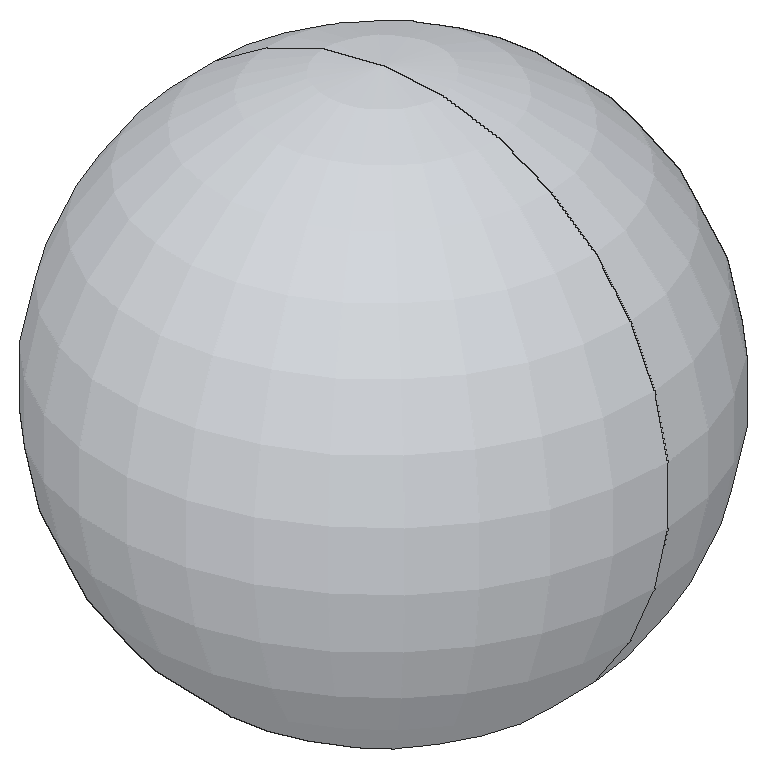
Revit family "R22_1 point_content", category Generic Models, Revit 2022
Family settings
  Can host rebar = No
  Round Connector Dimension = Use Diameter
  Part Type = Undefined
  Always vertical = No
  Cut with Voids When Loaded = No
  Maintain Annotation Orientation = No
  Shared = Yes
  Room Calculation Point = No
Parameters (values of type "1 point_other")
  Visible spheer = yes
  Visible Center Point = yes
  Type Comments = "KW"
  R spheer = 10 mm
  H [instance] = 0 mm
  Default Elevation = 0 mm
  Visible Circle = yes
  Cal_H [instance] = 5000 mm + H  # 5000 mm
Reference planes
  plane 1 "Center (Front/Back)": y = 0
  plane 2 "Center (Left/Right)": x = 0
  plane 3 "H": z = 0
  plane 4: z = -5000
Lines and regions (mm)
  model lines
    curve 1: circle (0, 0, 0) r 10 normal (0, 0, -1)
Dimensions and locks
  "Cal_H": plane 4 to plane 3 "H"
  locked: plane 4 to level at 5000
  aligned and locked: plane 3 "H" to reference point
  aligned and locked: plane 2 "Center (Left/Right)" to reference point
  aligned and locked: plane 1 "Center (Front/Back)" to reference point
  aligned and locked: plane 2 "Center (Left/Right)" to nested 1
  aligned and locked: nested 1 to plane 1 "Center (Front/Back)"
Automatic sketch dimensions
  curve 1 to plane 1 "Center (Front/Back)" = 0 mm
  curve 1 to plane 2 "Center (Left/Right)" = 0 mm
  radius of curve 1 = 10 mm
Nested families
  nested 1: "spheer" at (0, 0, 0), visible <- "Visible spheer", type "spheer"
    with R 10 mm
Definition of nested family "spheer"
  Parameters
    R = 60 mm
    Default Elevation = 1219.2 mm
  Reference planes
    plane 1 "Center (Front/Back)": y = 0
    plane 2: z = 0
    plane 3 "Center (Left/Right)": x = 0
    plane 4: z = 60
    plane 5: z = -60
  Forms (mm)
    Revolve 1, solid
      sketch origin (0, 0, 0) x (1, 0, 0) y (0, 0, 1)
        loop
          arc (0, -60) -> (60, 0) -> (0, 60) r 60
          line (0, 60) -> (0, -60)
        axis (0, -60) -> (0, 60)
      angle from 0 to 360
  Dimensions and locks
    equal spacing: plane 4, level, plane 5
    "R": plane 4 to level
    "R": radius of Revolve 1 sketch curve
    aligned and locked: level to plane 2
  Automatic sketch dimensions
    Revolve 1 sketch curve to plane 3 "Center (Left/Right)" = 0 mm  (x2)
    Revolve 1 sketch curve to level = 0 mm
    Revolve 1 sketch curve to plane 5 = 0 mm
    plane 4 to Revolve 1 sketch curve = 205 mm
